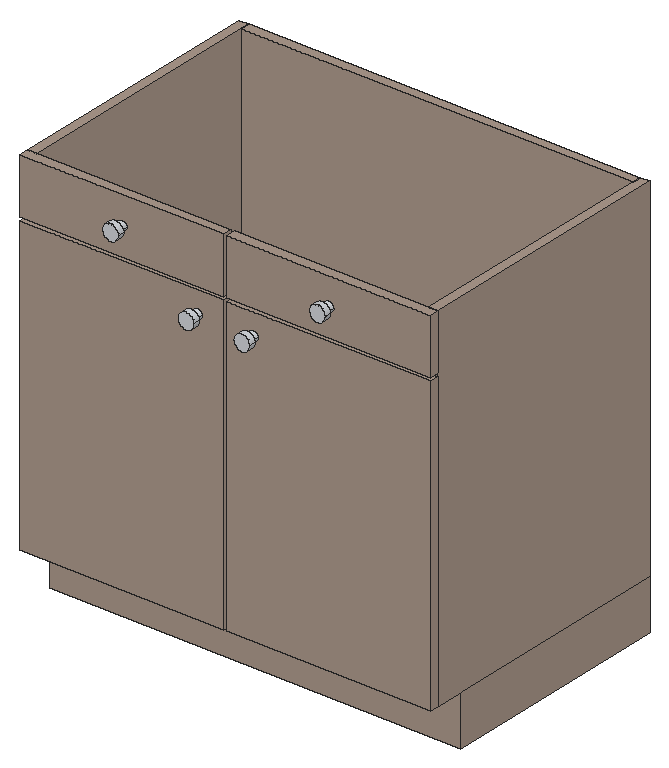
Revit family "AO_CW_CabinetsLowerPair_Gen_FB_IRVINE_CO1", category Casework, Revit 2019
Family settings
  Work Plane-Based = No
  Always vertical = Yes
  Cut with Voids When Loaded = No
  Shared = No
  Room Calculation Point = No
Parameters (values of type "33" kitchen sink 2")
  URL = "www.wicnet.org/manual_sections.asp"
  Top Panel Material = none
  Toe Panel Material = none
  Side Panel Material = none
  Shelf Panel Material = none
  Shelf = yes
  Model = "222"
  Manufacturer = "Woodwork Institute"
  Keynote = "315"
  Gyp Spacing = no
  Drawer Front Material = none
  Door Panel Material = none
  Description = "Base Cabinet w/ Drawers"
  Depth = 1' - 10"
  Height = 2' - 8 1/2"
  Width = 2' - 9"
  Counter Height = 3' - 0"
  Content Creator URL = "www.AECcontent.com"
  Content Creator = "AECcontent"
  Sink False Drawer Pulls [instance] = yes
  Back Panel Material = none
  Assembly Code = "E2010200"
Reference planes (in)
  plane 1 "Back": y = 0
  plane 2 "Center (Left/Right)": x = 0.7377
  plane 3 "Left": x = -15.7623
  plane 4 "Right": x = 17.2377
  plane 5 "Front": y = -22
  plane 6 "Top": z = 32.5
  plane 7: z = 4
  plane 8: z = 4
  plane 9: y = -19
  plane 10: z = 4
  plane 11: z = 15.875
  plane 12: x = -7.5748
  plane 13: x = 9.0502
  plane 14: x = 0.8627
  plane 15: z = 30.875
  plane 16: x = 0.6127
  plane 17: z = 30.875
  plane 18: x = 0.6127
  plane 19: z = 30.625
  plane 20: z = 30.625
  plane 21: x = 0.8627
  plane 22: z = 28
  plane 23: z = 27.75
  plane 24 "Top Top": z = 36
  plane 25: y = -0.75
  plane 26: z = 30.25
  plane 27: x = 0.6127
  plane 28: x = 0.8627
  plane 29: y = 0.625
Forms (in)
  Extrusion 1, solid, material <- "Back Panel Material"
    sketch origin (0, 0, 0) x (1, 0, 0) y (0, 0, 1)
      loop
        line (16.4877, 32.5) -> (-15.0123, 32.5) -> (-15.0123, 4) -> (16.4877, 4) -> (16.4877, 32.5)
    from 0 to 0.75
  Extrusion 2, solid, material <- "Shelf Panel Material"
    sketch origin (-0.09236, 0, -14.69269) x (1, 0, 0) y (0, 1, 0)
      loop
        line (-14.91994, -0.75) -> (-14.91994, -21.25) -> (16.58006, -21.25) -> (16.58006, -0.75) -> (-14.91994, -0.75)
    from 18.69269 to 19.44531
  Extrusion 3, solid, material <- "Toe Panel Material"
    sketch origin (0, 0, 0) x (1, 0, 0) y (0, 0, 1)
      loop
        line (-15.7623, 4) -> (-15.7623, 0) -> (17.2377, 0) -> (17.2377, 4) -> (-15.7623, 4)
    from 0 to 0.75
  Extrusion 4, solid, material <- "Toe Panel Material"
    sketch origin (17.2377, 0, 0) x (0, -1, 0) y (0, 0, 1)
      loop
        line (19, 4) -> (0, 4) -> (0, 0) -> (19, 0) -> (19, 4)
    from 0 to 0.75
  Extrusion 5, solid, material <- "Toe Panel Material"
    sketch origin (-15.7623, 0, 0) x (0, -1, 0) y (0, 0, 1)
      loop
        line (0, 4) -> (0, 0) -> (19, 0) -> (19, 4) -> (0, 4)
    from 0 to -0.75
  Extrusion 6, solid, material <- "Toe Panel Material"
    sketch origin (0, -19, 3) x (1, 0, 0) y (0, 0, 1)
      loop
        line (-15.7623, 1) -> (-15.7623, -3) -> (17.2377, -3) -> (17.2377, 1) -> (-15.7623, 1)
    from 0 to -0.75
  Extrusion 7, solid, material <- "Door Panel Material"
    sketch origin (0, -22, 0) x (1, 0, 0) y (0, 0, 1)
      loop
        line (0.8627, 27.75) -> (0.8627, 4) -> (17.2377, 4) -> (17.2377, 27.75) -> (0.8627, 27.75)
    from 0 to -0.75
  Extrusion 8, solid, material <- "Door Panel Material"
    sketch origin (0, -22, 0) x (1, 0, 0) y (0, 0, 1)
      loop
        line (-15.7623, 27.75) -> (-15.7623, 4) -> (0.6127, 4) -> (0.6127, 27.75) -> (-15.7623, 27.75)
    from 0 to -0.75
  Extrusion 9, solid, material <- "Side Panel Material"
    sketch origin (17.2377, 0, 0) x (0, -1, 0) y (0, 0, 1)
      loop
        line (21.25, 32.5) -> (0, 32.5) -> (0, 4) -> (21.25, 4) -> (21.25, 32.5)
    from 0 to 0.75
  Extrusion 10, solid, material <- "Side Panel Material"
    sketch origin (-15.7623, 0, 0) x (0, -1, 0) y (0, 0, 1)
      loop
        line (21.25, 32.5) -> (0, 32.5) -> (0, 4) -> (21.25, 4) -> (21.25, 32.5)
    from 0 to -0.75
  Extrusion 11, solid, material <- "Drawer Front Material"
    sketch origin (0, -22, 0) x (1, 0, 0) y (0, 0, 1)
      loop
        line (-15.7623, 32.5) -> (-15.7623, 28) -> (0.6127, 28) -> (0.6127, 32.5) -> (-15.7623, 32.5)
    from 0 to -0.75
  Extrusion 12, solid, material <- "Drawer Front Material"
    sketch origin (0, -22, 0) x (1, 0, 0) y (0, 0, 1)
      loop
        line (0.8627, 32.5) -> (0.8627, 28) -> (17.2377, 28) -> (17.2377, 32.5) -> (0.8627, 32.5)
    from 0 to -0.75
Cuts and joins
  joined: Extrusion 3, Extrusion 4, Extrusion 5, Extrusion 6
Lines and regions (in)
  symbolic lines, style "Centerline"
    curve 1: line (0.7377, 0, 27.875) -> (-15.7623, 0, 15.875)
    curve 2: line (-15.7623, 0, 15.875) -> (0.7377, 0, 4)
    curve 3: line (0.7377, 0, 27.875) -> (17.2377, 0, 15.875)
    curve 4: line (17.2377, 0, 15.875) -> (0.7377, 0, 4)
  symbolic lines, style "Elevation Swing", visible <- "Shelf"
    curve 5: line (0, -0.75, 15.875) -> (0, -21.25, 15.875)
    curve 6: line (0, -0.75, 16.625) -> (0, -21.25, 16.625)
  symbolic lines, style "CaseworkHiddenLines", visible <- "Shelf"
    curve 7: line (-15.7623, -22, 15.875) -> (17.2377, -22, 15.875)
    curve 8: line (-15.7623, -22, 16.625) -> (17.2377, -22, 16.625)
  model lines, style "AO_HiddenUnderCounter"
    curve 9: line (-15.7623, 0, 36) -> (17.2377, 0, 36)
    curve 10: line (-15.7623, -22, 36) -> (-15.7623, 0, 36)
    curve 11: line (17.2377, -22, 36) -> (-15.7623, -22, 36)
    curve 12: line (17.2377, 0, 36) -> (17.2377, -22, 36)
  model lines, style "CaseworkHiddenLines", visible <- "Gyp Spacing"
    curve 13: line (-15.7623, 0.625, 36) -> (17.2377, 0.625, 36)
Dimensions and locks (in)
  "Depth": plane 5 "Front" to plane 1 "Back"
  "Width": plane 3 "Left" to plane 4 "Right"
  "Height": level to plane 6 "Top"
  locked: plane 5 "Front" to plane 9 at 3
  equal spacing: plane 23, plane 11, plane 10
  plane 22 to plane 23 = 0' - 0 1/4"
  "Counter Height": plane 24 "Top Top" to level
  locked: plane 1 "Back" to plane 25 at 0.75
  nested 1 to plane 2 "Center (Left/Right)" to nested 2 = 0' - 2.24422" locked, 0' - 2.24422" locked
  equal spacing: plane 3 "Left", plane 12, plane 27, locked at 8.1875 each
  equal spacing: plane 28, plane 13, plane 4 "Right", locked at 8.1875 each
  equal spacing: plane 3 "Left", plane 2 "Center (Left/Right)", plane 4 "Right", locked at 16.5 each
  plane 27 to plane 2 "Center (Left/Right)" to plane 28 = 0' - 0 1/8" locked, 0' - 0 1/8" locked
  locked: plane 6 "Top" to plane 22 at 4.5
  locked: plane 6 "Top" to plane 26 at 2.25
  locked: plane 1 "Back" to plane 29 at 0.625
  aligned and locked: Extrusion 3 sketch curve to plane 3 "Left"
  aligned and locked: plane 4 "Right" to Extrusion 3 sketch curve
  aligned and locked: Extrusion 6 sketch curve to plane 3 "Left"
  aligned and locked: plane 4 "Right" to Extrusion 6 sketch curve
  aligned and locked: Extrusion 10 sketch curve to Extrusion 7
  aligned and locked: Extrusion 10 sketch curve to Extrusion 9
  aligned and locked: Extrusion 8 sketch curve to Extrusion 10
  aligned and locked: Extrusion 7 sketch curve to Extrusion 9
  aligned and locked: Extrusion 1 sketch curve to Extrusion 9
  aligned and locked: Extrusion 1 sketch curve to Extrusion 10
  aligned and locked: Extrusion 2 sketch curve to Extrusion 11
  aligned and locked: plane 18 to Extrusion 8 sketch curve
  aligned and locked: Extrusion 7 sketch curve to plane 21
  aligned and locked: plane 22 to Extrusion 11 sketch curve
  aligned and locked: plane 22 to Extrusion 12 sketch curve
  aligned and locked: Extrusion 8 sketch curve to plane 23
  aligned and locked: Extrusion 7 sketch curve to plane 23
  aligned and locked: Extrusion 1 to Extrusion 10
  aligned and locked: curve 7 to curve 4
  aligned and locked: curve 2 to curve 7
  aligned and locked: curve 10 to plane 3 "Left"
  aligned and locked: curve 11 to plane 5 "Front"
  aligned and locked: plane 4 "Right" to curve 12
  aligned and locked: plane 1 "Back" to curve 9
  aligned and locked: nested 4 to plane 12
  aligned and locked: nested 3 to plane 13
  aligned and locked: nested 4 to plane 26
  aligned and locked: nested 3 to plane 26
  aligned and locked: curve 13 to plane 29
  aligned and locked: plane 3 "Left" to curve 13
  aligned and locked: plane 4 "Right" to curve 13
Automatic sketch dimensions
  Extrusion 3 sketch curve to level = 0' - 0"
  Extrusion 3 sketch curve to plane 7 = 0' - 0"
  Extrusion 4 sketch curve to plane 1 "Back" = 0' - 0"
  Extrusion 4 sketch curve to level = 0' - 0"
  Extrusion 4 sketch curve to plane 9 = 0' - 0"
  Extrusion 4 sketch curve to plane 7 = 0' - 0"
  Extrusion 5 sketch curve to level = 0' - 0"
  Extrusion 5 sketch curve to plane 1 "Back" = 0' - 0"
  Extrusion 5 sketch curve to plane 9 = 0' - 0"
  Extrusion 5 sketch curve to plane 7 = 0' - 0"
  Extrusion 6 sketch curve to level = 0' - 0"
  Extrusion 6 sketch curve to plane 7 = 0' - 0"
  Extrusion 7 sketch curve to plane 7 = 0' - 0"
  Extrusion 8 sketch curve to plane 7 = 0' - 0"
  Extrusion 2 sketch curve to plane 3 "Left" = 0' - 0 3/4"
  plane 4 "Right" to Extrusion 2 sketch curve = 0' - 0 3/4"
  plane 1 "Back" to Extrusion 2 sketch curve = 0' - 0 3/4"
  plane 3 "Left" to curve 1 = 0' - 0"
  plane 3 "Left" to curve 7 = 0' - 0"
  plane 3 "Left" to curve 8 = 0' - 0"
  curve 1 to plane 2 "Center (Left/Right)" = 0' - 0"
  curve 2 to plane 2 "Center (Left/Right)" = 0' - 0"
  plane 4 "Right" to curve 7 = 0' - 0"
  plane 4 "Right" to curve 3 = 0' - 0"
  plane 4 "Right" to curve 8 = 0' - 0"
  curve 2 to plane 7 = 0' - 0"
  curve 2 to plane 11 = 0' - 0"
  curve 1 to plane 22 = 0' - 0 1/8"
  curve 1 to curve 8 = 0' - 0 3/4"
  curve 6 to plane 25 = 0' - 0"
  plane 11 to curve 5 = 0' - 0"
  curve 5 to plane 25 = 0' - 0"
  curve 6 to plane 5 "Front" = 0' - 0 3/4"
  curve 5 to curve 6 = 0' - 0"
  curve 5 to curve 6 = 0' - 0 3/4"
  Extrusion 1 sketch curve to plane 7 = 0' - 0"
  Extrusion 1 sketch curve to plane 6 "Top" = 0' - 0"
  Extrusion 9 sketch curve to plane 1 "Back" = 0' - 0"
  plane 7 to Extrusion 9 sketch curve = 0' - 0"
  plane 6 "Top" to Extrusion 9 sketch curve = 0' - 0"
  Extrusion 9 sketch curve to plane 5 "Front" = 0' - 0 3/4"
  plane 7 to Extrusion 10 sketch curve = 0' - 0"
  plane 6 "Top" to Extrusion 10 sketch curve = 0' - 0"
  plane 3 "Left" to Extrusion 11 sketch curve = 0' - 0"
  plane 16 to Extrusion 11 sketch curve = 0' - 0"
  Extrusion 11 sketch curve to plane 6 "Top" = 0' - 0"
  plane 14 to Extrusion 12 sketch curve = 0' - 0"
  plane 4 "Right" to Extrusion 12 sketch curve = 0' - 0"
  Extrusion 12 sketch curve to plane 6 "Top" = 0' - 0"
Nested families (in)
  nested 1: "Family1" at (2.98193, -22, 26) x (1, 0, 0) z (0, -1, 0), type "Family1"
  nested 2: "Family1" at (-1.50652, -22, 26) x (-1, 0, 0) z (0, -1, 0), type "Family1"
  nested 3: "Family1" at (9.0502, -22, 30.25) x (1, 0, 0) z (0, -1, 0), visible <- "Sink False Drawer Pulls", type "Family1"
  nested 4: "Family1" at (-7.5748, -22, 30.25) x (1, 0, 0) z (0, -1, 0), visible <- "Sink False Drawer Pulls", type "Family1"
Definition of nested family "Family1"
  Parameters (values of type "Family1")
    Default Elevation = 4' - 0"
  Reference planes (in)
    plane 1 "Center (Front/Back)": y = 0
    plane 2: z = 0
    plane 3 "Center (Left/Right)": x = 0
  Forms (in)
    Extrusion 1, solid
      sketch origin (0, 0, 0) x (1, 0, 0) y (0, 1, 0)
        loop
          line (-48, 48) -> (-48, -48) -> (48, -48) -> (48, 48) -> (-48, 48)
      from 0 to -12
    Blend 2, solid
      base sketch origin (0, 0, 0) x (1, 0, 0) y (0, 1, 0)
        loop
          circle (0, 0) r 0.375
      top sketch origin (0, 0, 0) x (1, 0, 0) y (0, 1, 0)
        loop
          circle (0, 0) r 0.25
      from 0 to 0.625
    Extrusion 3, solid
      sketch origin (0, 0, 0) x (1, 0, 0) y (0, 1, 0)
        loop
          circle (0, 0) r 0.625
      from 0.625 to 1.125
  Dimensions and locks (in)
    aligned and locked: plane 2 to Extrusion 1
    aligned and locked: level to Extrusion 1
